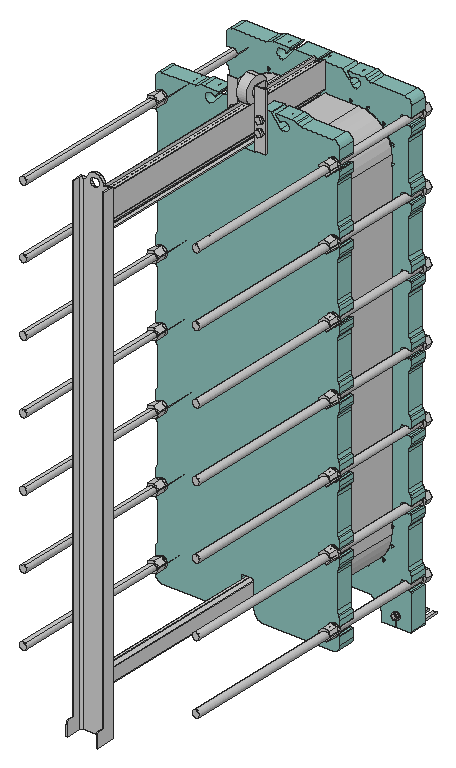
Revit family "Ekin_Endüstriyel - MIT585", category Specialty Equipment, Revit 2022 (continued)
Automatic sketch dimensions
  Extrusion 11 sketch curve to plane 3 "Center (Left/Right)" = 12.274 mm  (x4)
  Extrusion 11 sketch curve to plane 3 "Center (Left/Right)" = 0.441 mm  (x4)
  plane 3 "Center (Left/Right)" to Extrusion 11 sketch curve = 0.443 mm  (x4)
  plane 3 "Center (Left/Right)" to Extrusion 11 sketch curve = 12.274 mm  (x4)
  plane 3 "Center (Left/Right)" to Extrusion 11 sketch curve = 12.715 mm  (x4)
  level to Extrusion 11 sketch curve = 138.567 mm
  Extrusion 11 sketch curve to Extrusion 11 sketch curve = 6.833 mm  (x4)
  Extrusion 11 sketch curve to Extrusion 11 sketch curve = 7.594 mm  (x4)
  Extrusion 11 sketch curve to Extrusion 11 sketch curve = 14.424 mm  (x4)
  Extrusion 11 sketch curve to Extrusion 11 sketch curve = 14.427 mm  (x4)
  Extrusion 11 sketch curve to Extrusion 11 sketch curve = 7.595 mm  (x4)
  Extrusion 11 sketch curve to Extrusion 11 sketch curve = 31.148 mm  (x2)
  Extrusion 11 sketch curve to Extrusion 11 sketch curve = 1749.648 mm
  Extrusion 12 sketch curve to plane 8 "3" = 0.00 mm
  Extrusion 12 sketch curve to plane 3 "Center (Left/Right)" = 67.50 mm
  Extrusion 12 sketch curve to Extrusion 12 sketch curve = 5.00 mm
  Extrusion 12 sketch curve to plane 8 "3" = 8.00 mm
  Extrusion 12 sketch curve to Extrusion 12 sketch curve = 10.00 mm
  plane 3 "Center (Left/Right)" to Extrusion 12 sketch curve = 52.50 mm
  plane 3 "Center (Left/Right)" to Extrusion 12 sketch curve = 62.50 mm
  Extrusion 12 sketch curve to Extrusion 12 sketch curve = 15.00 mm
  Extrusion 13 sketch curve to Extrusion 13 sketch curve = 0.00 mm  (x168)
  Extrusion 13 sketch curve to plane 3 "Center (Left/Right)" = 373.00 mm  (x2)
  plane 3 "Center (Left/Right)" to Extrusion 13 sketch curve = 373.00 mm  (x2)
  level to Extrusion 13 sketch curve = 175.00 mm  (x2)
  Extrusion 13 sketch curve to Extrusion 13 sketch curve = 300.00 mm  (x10)
  Extrusion 13 sketch curve to Extrusion 13 sketch curve = 0.344 mm  (x2)
  Extrusion 13 sketch curve to Extrusion 13 sketch curve = 299.656 mm  (x2)
  Extrusion 13 sketch curve to Extrusion 13 sketch curve = 12.272 mm  (x19)
  Extrusion 13 sketch curve to Extrusion 13 sketch curve = 13.249 mm  (x2)
  Extrusion 13 sketch curve to Extrusion 13 sketch curve = 13.25 mm  (x24)
  Extrusion 13 sketch curve to Extrusion 13 sketch curve = 0.977 mm  (x3)
  Extrusion 13 sketch curve to Extrusion 13 sketch curve = 0.978 mm  (x6)
  Extrusion 13 sketch curve to Extrusion 13 sketch curve = 0.036 mm  (x12)
  Extrusion 13 sketch curve to Extrusion 13 sketch curve = 21.745 mm  (x2)
  Extrusion 13 sketch curve to Extrusion 13 sketch curve = 21.781 mm  (x12)
  Extrusion 13 sketch curve to Extrusion 13 sketch curve = 0.172 mm  (x2)
  Extrusion 14 sketch curve to Extrusion 14 sketch curve = 0.00 mm  (x16)
  Extrusion 14 sketch curve to Extrusion 2 = 6.90 mm  (x14)
  Extrusion 2 to Extrusion 14 sketch curve = 4.613 mm  (x14)
  Extrusion 14 sketch curve to Extrusion 2 = 0.287 mm  (x14)
  Extrusion 14 sketch curve to Extrusion 2 = 14.00 mm  (x2)
  Extrusion 14 sketch curve to Extrusion 2 = 9.388 mm  (x2)
  Extrusion 14 sketch curve to Extrusion 2 = 21.10 mm  (x14)
  Extrusion 14 sketch curve to Extrusion 2 = 9.341 mm  (x24)
  Extrusion 14 sketch curve to Extrusion 2 = 2.695 mm  (x24)
  Extrusion 14 sketch curve to Extrusion 14 sketch curve = 25.713 mm  (x18)
  Extrusion 14 sketch curve to Extrusion 2 = 2.648 mm  (x2)
  Extrusion 14 sketch curve to Extrusion 14 sketch curve = 18.613 mm  (x7)
  Extrusion 2 to Extrusion 14 sketch curve = 9.557 mm  (x2)
  Extrusion 2 to Extrusion 14 sketch curve = 9.603 mm  (x22)
  Extrusion 14 sketch curve to Extrusion 2 = 3.426 mm  (x2)
  Extrusion 14 sketch curve to Extrusion 14 sketch curve = 7.10 mm  (x2)
  Extrusion 14 sketch curve to Extrusion 2 = 39.713 mm
  Extrusion 14 sketch curve to Extrusion 2 = 9.294 mm  (x2)
  Extrusion 2 to Extrusion 14 sketch curve = 9.65 mm  (x2)
  Extrusion 2 to Extrusion 14 sketch curve = 16.203 mm  (x2)
  Extrusion 14 sketch curve to Extrusion 2 = 2.742 mm  (x2)
  Extrusion 14 sketch curve to Extrusion 2 = 4.714 mm  (x12)
  Extrusion 14 sketch curve to Extrusion 2 = 0.621 mm  (x2)
  Extrusion 2 to Extrusion 14 sketch curve = 6.798 mm  (x12)
  Extrusion 14 sketch curve to Extrusion 14 sketch curve = 9.286 mm  (x2)
  Extrusion 2 to Extrusion 14 sketch curve = 6.845 mm  (x2)
  Extrusion 15 sketch curve to Extrusion 15 sketch curve = 0.00 mm  (x14)
  Extrusion 15 sketch curve to Extrusion 2 = 1.996 mm  (x28)
  Extrusion 16 sketch curve to plane 3 "Center (Left/Right)" = 399.558 mm  (x3)
  Extrusion 16 sketch curve to Extrusion 16 sketch curve = 0.00 mm  (x7)
  level to Extrusion 16 sketch curve = 174.84 mm  (x2)
  Extrusion 16 sketch curve to Extrusion 16 sketch curve = 13.217 mm  (x21)
  Extrusion 16 sketch curve to Extrusion 16 sketch curve = 13.341 mm  (x21)
  level to Extrusion 16 sketch curve = 151.876 mm  (x2)
  Extrusion 16 sketch curve to Extrusion 16 sketch curve = 26.558 mm  (x28)
  level to Extrusion 16 sketch curve = 151.948 mm  (x2)
  plane 3 "Center (Left/Right)" to Extrusion 16 sketch curve = 346.442 mm  (x4)
  Extrusion 16 sketch curve to Extrusion 16 sketch curve = 23.036 mm  (x28)
  Extrusion 16 sketch curve to Extrusion 16 sketch curve = 22.964 mm  (x26)
  Extrusion 16 sketch curve to Extrusion 16 sketch curve = 254.432 mm  (x2)
  Extrusion 16 sketch curve to Extrusion 16 sketch curve = 0.072 mm  (x12)
  Extrusion 16 sketch curve to Extrusion 16 sketch curve = 254.00 mm  (x8)
  Extrusion 16 sketch curve to Extrusion 16 sketch curve = 253.656 mm  (x2)
  Extrusion 17 sketch curve to Extrusion 17 sketch curve = 0.00 mm  (x161)
  Extrusion 17 sketch curve to plane 3 "Center (Left/Right)" = 318.974 mm  (x2)
  Extrusion 17 sketch curve to Extrusion 17 sketch curve = 38.176 mm  (x26)
  Extrusion 17 sketch curve to Extrusion 17 sketch curve = 66.122 mm  (x26)
  Extrusion 17 sketch curve to Extrusion 17 sketch curve = 76.352 mm  (x14)
  Extrusion 17 sketch curve to plane 3 "Center (Left/Right)" = 72.202 mm  (x4)
  Extrusion 17 sketch curve to plane 3 "Center (Left/Right)" = 34.026 mm  (x4)
  plane 3 "Center (Left/Right)" to Extrusion 17 sketch curve = 34.026 mm  (x4)
  plane 3 "Center (Left/Right)" to Extrusion 17 sketch curve = 72.202 mm  (x4)
  level to Extrusion 17 sketch curve = 203.526 mm  (x2)
  Extrusion 17 sketch curve to Extrusion 17 sketch curve = 1193.052 mm
  Extrusion 17 sketch curve to Extrusion 17 sketch curve = 4.75 mm  (x2)
  Extrusion 17 sketch curve to Extrusion 17 sketch curve = 7.00 mm  (x48)
  Extrusion 17 sketch curve to Extrusion 17 sketch curve = 39.562 mm  (x4)
  Extrusion 17 sketch curve to Extrusion 17 sketch curve = 46.562 mm  (x4)
  Extrusion 17 sketch curve to plane 3 "Center (Left/Right)" = 29.276 mm  (x2)
  plane 3 "Center (Left/Right)" to Extrusion 17 sketch curve = 29.276 mm  (x2)
  Extrusion 17 sketch curve to Extrusion 17 sketch curve = 35.926 mm  (x2)
  Extrusion 17 sketch curve to Extrusion 17 sketch curve = 19.298 mm  (x4)
  Extrusion 17 sketch curve to Extrusion 17 sketch curve = 17.199 mm  (x4)
  plane 1 "Center (Front/Back)" to Extrusion 18 sketch curve = 0.00 mm
  plane 9 "Bolt End" to Extrusion 18 sketch curve = 26.30 mm  (x4)
  Extrusion 18 sketch curve to Extrusion 18 sketch curve = 6.164 mm  (x8)
  Extrusion 18 sketch curve to Extrusion 18 sketch curve = 33.836 mm
  Extrusion 18 sketch curve to Extrusion 18 sketch curve = 0.00 mm  (x4)
  plane 3 "Center (Left/Right)" to Extrusion 18 sketch curve = 367.531 mm
  Extrusion 18 sketch curve to Extrusion 18 sketch curve = 8.50 mm  (x4)
  Extrusion 18 sketch curve to Extrusion 18 sketch curve = 33.00 mm  (x2)
  Extrusion 18 sketch curve to Extrusion 18 sketch curve = 16.00 mm  (x2)
  Extrusion 18 sketch curve to plane 3 "Center (Left/Right)" = 284.375 mm
  Extrusion 19 sketch curve to plane 1 "Center (Front/Back)" = 0.00 mm
  Extrusion 19 sketch curve to level = 0.00 mm
  level to Extrusion 19 sketch curve = 3.00 mm
  Extrusion 19 sketch curve to plane 1 "Center (Front/Back)" = 8.00 mm
  Extrusion 19 sketch curve to Extrusion 19 sketch curve = 3.00 mm
  plane 9 "Bolt End" to Extrusion 19 sketch curve = 66.30 mm
  Extrusion 19 sketch curve to Extrusion 19 sketch curve = 8.00 mm
  Extrusion 19 sketch curve to Extrusion 19 sketch curve = 74.00 mm
  Extrusion 20 sketch curve to Extrusion 20 sketch curve = 0.00 mm  (x8)
  Extrusion 20 sketch curve to plane 3 "Center (Left/Right)" = 0.00 mm  (x4)
  level to Extrusion 20 sketch curve = 153.00 mm
  Extrusion 20 sketch curve to Extrusion 20 sketch curve = 60.00 mm  (x2)
  Extrusion 20 sketch curve to Extrusion 20 sketch curve = 1778.50 mm
  Extrusion 20 sketch curve to plane 3 "Center (Left/Right)" = 11.341 mm  (x2)
  plane 3 "Center (Left/Right)" to Extrusion 20 sketch curve = 11.341 mm  (x2)
  Extrusion 20 sketch curve to Extrusion 20 sketch curve = 15.00 mm  (x2)
  Extrusion 20 sketch curve to Extrusion 20 sketch curve = 9.817 mm  (x2)
  Extrusion 21 sketch curve to Extrusion 21 sketch curve = 0.00 mm  (x50)
  Extrusion 21 sketch curve to plane 3 "Center (Left/Right)" = 176.50 mm  (x2)
  plane 3 "Center (Left/Right)" to Extrusion 21 sketch curve = 176.50 mm  (x2)
  level to Extrusion 21 sketch curve = 346.00 mm
  Extrusion 21 sketch curve to Extrusion 21 sketch curve = 1478.00 mm
  Extrusion 21 sketch curve to Extrusion 21 sketch curve = 90.00 mm  (x2)
  Extrusion 21 sketch curve to Extrusion 21 sketch curve = 26.047 mm  (x6)
  Extrusion 21 sketch curve to plane 3 "Center (Left/Right)" = 60.453 mm  (x2)
  plane 3 "Center (Left/Right)" to Extrusion 21 sketch curve = 60.453 mm  (x2)
  Extrusion 21 sketch curve to Extrusion 21 sketch curve = 67.00 mm  (x4)
  Extrusion 22 sketch curve to Extrusion 22 sketch curve = 0.00 mm  (x7)
  Extrusion 2 to Extrusion 22 sketch curve = 4.00 mm  (x2)
  Extrusion 2 to Extrusion 22 sketch curve = 0.538 mm  (x2)
  Extrusion 22 sketch curve to Extrusion 2 = 23.75 mm  (x2)
  Extrusion 2 to Extrusion 22 sketch curve = 10.067 mm  (x2)
  Extrusion 2 to Extrusion 22 sketch curve = 3.00 mm  (x2)
  Extrusion 2 to Extrusion 22 sketch curve = 80.567 mm
  Extrusion 2 to Extrusion 22 sketch curve = 1.901 mm  (x8)
  Extrusion 22 sketch curve to Extrusion 22 sketch curve = 7.924 mm  (x2)
  Extrusion 23 sketch curve to Extrusion 22 = 0.00 mm  (x5)
  Extrusion 22 to Extrusion 23 sketch curve = 0.00 mm
  Extrusion 23 sketch curve to Extrusion 22 = 4.00 mm
  Extrusion 23 sketch curve to Extrusion 23 sketch curve = 4.00 mm
  Extrusion 24 sketch curve to Extrusion 24 sketch curve = 0.00 mm  (x2)
  Extrusion 24 sketch curve to Extrusion 23 = 34.07 mm
  Extrusion 23 to Extrusion 24 sketch curve = 17.687 mm
  Extrusion 25 sketch curve to Extrusion 23 = 34.062 mm
  Extrusion 23 to Extrusion 25 sketch curve = 17.688 mm
  Extrusion 26 sketch curve to Extrusion 26 sketch curve = 0.00 mm  (x2)
  Extrusion 26 sketch curve to Extrusion 23 = 34.07 mm
  Extrusion 23 to Extrusion 26 sketch curve = 17.687 mm
  Extrusion 26 sketch curve to Extrusion 26 sketch curve = 2.062 mm  (x2)
  Extrusion 26 sketch curve to Extrusion 26 sketch curve = 7.73 mm
  Extrusion 23 to Extrusion 27 sketch curve = 20.475 mm
  Extrusion 27 sketch curve to Extrusion 23 = 46.883 mm
  Extrusion 23 to Extrusion 27 sketch curve = 7.51 mm
  Extrusion 27 sketch curve to Extrusion 27 sketch curve = 3.083 mm
  Extrusion 23 to Extrusion 27 sketch curve = 11.298 mm
  Extrusion 27 sketch curve to Extrusion 27 sketch curve = 9.73 mm  (x2)
  Extrusion 23 to Extrusion 27 sketch curve = 3.673 mm
  Extrusion 27 sketch curve to Extrusion 27 sketch curve = 12.813 mm  (x2)
  Extrusion 23 to Extrusion 27 sketch curve = 12.85 mm
  Extrusion 27 sketch curve to Extrusion 27 sketch curve = 3.837 mm
  Extrusion 28 sketch curve to Extrusion 28 sketch curve = 0.00 mm  (x2)
  Extrusion 28 sketch curve to Extrusion 23 = 34.07 mm
  Extrusion 23 to Extrusion 28 sketch curve = 17.687 mm
  Extrusion 28 sketch curve to Extrusion 28 sketch curve = 14.098 mm  (x2)
  Extrusion 23 to Extrusion 28 sketch curve = 12.565 mm
  Extrusion 29 sketch curve to Extrusion 29 sketch curve = 0.00 mm  (x8)
  Extrusion 2 to Extrusion 29 sketch curve = 0.542 mm  (x4)
  Extrusion 2 to Extrusion 29 sketch curve = 2.956 mm  (x4)
  Extrusion 29 sketch curve to Extrusion 2 = 3.488 mm  (x4)
  Extrusion 29 sketch curve to Extrusion 2 = 12.96 mm  (x4)
  Extrusion 29 sketch curve to Extrusion 2 = 3.205 mm  (x4)
  Extrusion 30 sketch curve to Extrusion 2 = 3.331 mm  (x2)
  Extrusion 30 sketch curve to Extrusion 2 = 12.451 mm  (x4)
  Extrusion 30 sketch curve to Extrusion 2 = 3.153 mm  (x2)
  Extrusion 30 sketch curve to Extrusion 2 = 5.065 mm  (x4)
  Extrusion 30 sketch curve to Extrusion 2 = 11.398 mm  (x4)
  Extrusion 30 sketch curve to Extrusion 2 = 0.51 mm  (x4)
  Extrusion 2 to Extrusion 30 sketch curve = 1.595 mm  (x4)
  Extrusion 30 sketch curve to Extrusion 2 = 4.767 mm  (x4)
  Extrusion 30 sketch curve to Extrusion 2 = 3.715 mm  (x4)
  Extrusion 30 sketch curve to Extrusion 2 = 11.351 mm  (x4)
  Extrusion 30 sketch curve to Extrusion 2 = 3.242 mm  (x4)
  Extrusion 30 sketch curve to Extrusion 2 = 4.976 mm  (x2)
  Extrusion 30 sketch curve to Extrusion 2 = 11.262 mm  (x2)
  Extrusion 30 sketch curve to Extrusion 2 = 5.153 mm  (x2)
  Extrusion 30 sketch curve to Extrusion 2 = 2.488 mm  (x2)
  Extrusion 31 sketch curve to Extrusion 31 sketch curve = 0.00 mm  (x6)
  Extrusion 2 to Extrusion 31 sketch curve = 0.538 mm  (x2)
  Extrusion 2 to Extrusion 31 sketch curve = 3.00 mm  (x2)
  Extrusion 2 to Extrusion 31 sketch curve = 0.498 mm  (x2)
  Extrusion 2 to Extrusion 31 sketch curve = 0.587 mm  (x2)
  Extrusion 2 to Extrusion 31 sketch curve = 0.582 mm  (x2)
  Extrusion 2 to Extrusion 31 sketch curve = 0.493 mm  (x2)
  Extrusion 31 sketch curve to Extrusion 2 = 12.00 mm  (x2)
  Extrusion 32 sketch curve to Extrusion 2 = 3.475 mm  (x2)
  Extrusion 32 sketch curve to Extrusion 2 = 11.065 mm  (x4)
  Extrusion 32 sketch curve to Extrusion 2 = 3.653 mm  (x6)
  Extrusion 32 sketch curve to Extrusion 2 = 3.722 mm  (x6)
  Extrusion 32 sketch curve to Extrusion 2 = 11.026 mm  (x4)
  Extrusion 2 to Extrusion 32 sketch curve = 0.498 mm  (x4)
  Extrusion 2 to Extrusion 32 sketch curve = 0.577 mm  (x4)
  Extrusion 32 sketch curve to Extrusion 2 = 5.149 mm  (x4)
  Extrusion 32 sketch curve to Extrusion 2 = 5.11 mm  (x4)
  Extrusion 32 sketch curve to Extrusion 2 = 10.375 mm  (x4)
  Extrusion 32 sketch curve to Extrusion 2 = 3.544 mm  (x2)
  Extrusion 32 sketch curve to Extrusion 2 = 10.197 mm  (x2)
  Extrusion 32 sketch curve to Extrusion 2 = 3.553 mm  (x2)
  Extrusion 33 sketch curve to Extrusion 33 sketch curve = 0.00 mm  (x6)
  Extrusion 2 to Extrusion 33 sketch curve = 0.538 mm  (x2)
  Extrusion 2 to Extrusion 33 sketch curve = 3.00 mm  (x2)
  Extrusion 2 to Extrusion 33 sketch curve = 1.901 mm  (x8)
  Extrusion 33 sketch curve to Extrusion 33 sketch curve = 7.924 mm  (x2)
  Extrusion 34 sketch curve to Extrusion 34 sketch curve = 0.00 mm  (x9)
  Extrusion 34 sketch curve to plane 3 "Center (Left/Right)" = 0.00 mm  (x2)
  plane 3 "Center (Left/Right)" to Extrusion 34 sketch curve = 7.916 mm  (x2)
  plane 3 "Center (Left/Right)" to Extrusion 34 sketch curve = 20.50 mm  (x2)
  Extrusion 34 sketch curve to Extrusion 34 sketch curve = 17.548 mm  (x4)
  Extrusion 34 sketch curve to Extrusion 34 sketch curve = 2.536 mm  (x4)
  Extrusion 34 sketch curve to Extrusion 34 sketch curve = 9.50 mm  (x6)
  Extrusion 34 sketch curve to Extrusion 34 sketch curve = 3.943 mm  (x4)
  Extrusion 34 sketch curve to Extrusion 34 sketch curve = 142.00 mm  (x4)
  Extrusion 34 sketch curve to Extrusion 34 sketch curve = 4.50 mm  (x4)
  Extrusion 34 sketch curve to Extrusion 34 sketch curve = 135.50 mm  (x2)
  Extrusion 34 sketch curve to plane 3 "Center (Left/Right)" = 7.916 mm  (x2)
  Extrusion 34 sketch curve to plane 3 "Center (Left/Right)" = 20.50 mm  (x2)
  level to Extrusion 34 sketch curve = 211.00 mm
  Extrusion 34 sketch curve to Extrusion 34 sketch curve = 6.00 mm  (x4)
  Extrusion 34 sketch curve to Extrusion 34 sketch curve = 9.978 mm  (x4)
  Extrusion 34 sketch curve to Extrusion 34 sketch curve = 11.755 mm
  Extrusion 34 sketch curve to Extrusion 34 sketch curve = 4.522 mm  (x2)
  Extrusion 34 sketch curve to Extrusion 34 sketch curve = 16.976 mm  (x2)
  Extrusion 34 sketch curve to Extrusion 34 sketch curve = 5.00 mm  (x4)
  Extrusion 34 sketch curve to Extrusion 34 sketch curve = 1468.00 mm
  Extrusion 34 sketch curve to Extrusion 34 sketch curve = 140.00 mm
  Extrusion 34 sketch curve to Extrusion 34 sketch curve = 44.231 mm
  Extrusion 34 sketch curve to Extrusion 34 sketch curve = 8.793 mm  (x2)
  Extrusion 34 sketch curve to Extrusion 34 sketch curve = 5.438 mm  (x2)
  plane 3 "Center (Left/Right)" to Extrusion 34 sketch curve = 76.50 mm  (x2)
  Extrusion 34 sketch curve to plane 3 "Center (Left/Right)" = 76.50 mm  (x2)
  Extrusion 35 sketch curve to Extrusion 35 sketch curve = 0.00 mm  (x3)
  Extrusion 12 to Extrusion 35 sketch curve = 15.00 mm  (x2)
  Extrusion 35 sketch curve to Extrusion 12 = 17.00 mm
  Extrusion 35 sketch curve to Extrusion 35 sketch curve = 35.50 mm
  Extrusion 12 to Extrusion 35 sketch curve = 37.394 mm
  Extrusion 35 sketch curve to Extrusion 35 sketch curve = 1.50 mm
  Extrusion 35 sketch curve to Extrusion 12 = 41.474 mm
  Extrusion 35 sketch curve to Extrusion 35 sketch curve = 15.50 mm
  Extrusion 36 sketch curve to Extrusion 12 = 0.00 mm
  Extrusion 36 sketch curve to Extrusion 36 sketch curve = 15.00 mm
  Extrusion 36 sketch curve to Extrusion 36 sketch curve = 35.00 mm
  Extrusion 12 to Extrusion 36 sketch curve = 35.894 mm
  Extrusion 12 to Extrusion 36 sketch curve = 60.00 mm
  Extrusion 37 sketch curve to Extrusion 37 sketch curve = 0.00 mm  (x4)
  level to Extrusion 37 sketch curve = 45.00 mm  (x2)
  Extrusion 37 sketch curve to plane 3 "Center (Left/Right)" = 334.00 mm
  plane 3 "Center (Left/Right)" to Extrusion 37 sketch curve = 334.00 mm
  Extrusion 37 sketch curve to Extrusion 37 sketch curve = 5.728 mm  (x4)
  Extrusion 37 sketch curve to Extrusion 37 sketch curve = 13.863 mm  (x2)
  Extrusion 38 sketch curve to Extrusion 38 sketch curve = 0.00 mm  (x14)
  Extrusion 38 sketch curve to level = 0.00 mm  (x2)
  Extrusion 38 sketch curve to plane 4 = 1000.00 mm
  Extrusion 38 sketch curve to plane 4 = 1160.00 mm  (x2)
  Extrusion 38 sketch curve to Extrusion 38 sketch curve = 160.00 mm
  Extrusion 38 sketch curve to Extrusion 38 sketch curve = 16.50 mm
  Extrusion 38 sketch curve to Extrusion 38 sketch curve = 176.50 mm
  Extrusion 38 sketch curve to Extrusion 38 sketch curve = 39.50 mm
  level to Extrusion 38 sketch curve = 90.00 mm
  Extrusion 38 sketch curve to Extrusion 38 sketch curve = 217.787 mm
  Extrusion 38 sketch curve to Extrusion 38 sketch curve = 20.785 mm  (x2)
  level to Extrusion 38 sketch curve = 85.607 mm
  Extrusion 38 sketch curve to Extrusion 38 sketch curve = 10.607 mm  (x4)
  Extrusion 38 sketch curve to Extrusion 38 sketch curve = 36.213 mm  (x2)
  level to Extrusion 38 sketch curve = 49.393 mm  (x2)
  Extrusion 38 sketch curve to Extrusion 38 sketch curve = 4.393 mm
  level to Extrusion 38 sketch curve = 5.00 mm  (x3)
  Extrusion 38 sketch curve to Extrusion 38 sketch curve = 65.00 mm  (x2)
  Extrusion 38 sketch curve to Extrusion 38 sketch curve = 148.715 mm  (x2)
  Extrusion 38 sketch curve to Extrusion 38 sketch curve = 4.00 mm  (x2)
  Extrusion 38 sketch curve to Extrusion 38 sketch curve = 196.50 mm  (x2)
  Extrusion 38 sketch curve to Extrusion 38 sketch curve = 39.00 mm  (x2)
  Extrusion 38 sketch curve to Extrusion 38 sketch curve = 60.00 mm  (x4)
  Extrusion 38 sketch curve to Extrusion 38 sketch curve = 30.00 mm
  Extrusion 38 sketch curve to plane 4 = 983.50 mm  (x2)
  Extrusion 38 sketch curve to plane 4 = 960.50 mm
  Extrusion 38 sketch curve to plane 4 = 942.213 mm
  Extrusion 38 sketch curve to Extrusion 38 sketch curve = 15.00 mm  (x2)
  Extrusion 38 sketch curve to plane 4 = 787.00 mm  (x5)
  level to Extrusion 38 sketch curve = 45.00 mm  (x2)
  level to Extrusion 38 sketch curve = 153.00 mm
  Extrusion 38 sketch curve to Extrusion 38 sketch curve = 130.00 mm  (x2)
  Extrusion 38 sketch curve to Extrusion 38 sketch curve = 133.00 mm  (x2)
  Extrusion 38 sketch curve to Extrusion 38 sketch curve = 129.00 mm  (x2)
  Extrusion 38 sketch curve to Extrusion 38 sketch curve = 300.00 mm  (x8)
  Extrusion 38 sketch curve to Extrusion 38 sketch curve = 149.00 mm  (x2)
  Extrusion 38 sketch curve to Extrusion 38 sketch curve = 151.00 mm  (x2)
  Extrusion 38 sketch curve to Extrusion 38 sketch curve = 167.50 mm
  Extrusion 38 sketch curve to Extrusion 38 sketch curve = 63.00 mm  (x2)
  Extrusion 38 sketch curve to Extrusion 38 sketch curve = 23.00 mm  (x2)
  Extrusion 38 sketch curve to Extrusion 38 sketch curve = 12.00 mm
  Extrusion 38 sketch curve to Extrusion 38 sketch curve = 60.453 mm  (x2)
  Extrusion 38 sketch curve to plane 4 = 1099.547 mm
  Extrusion 38 sketch curve to Extrusion 38 sketch curve = 120.905 mm
  Extrusion 38 sketch curve to Extrusion 38 sketch curve = 80.453 mm  (x4)
  Extrusion 38 sketch curve to Extrusion 38 sketch curve = 66.00 mm  (x2)
  Extrusion 38 sketch curve to Extrusion 38 sketch curve = 67.00 mm
  Extrusion 39 sketch curve to plane 4 = 1000.00 mm
  Extrusion 39 sketch curve to plane 4 = 960.50 mm
  Extrusion 39 sketch curve to Extrusion 39 sketch curve = 20.785 mm  (x2)
  Extrusion 39 sketch curve to Extrusion 39 sketch curve = 148.715 mm  (x2)
  Extrusion 39 sketch curve to plane 4 = 787.00 mm  (x6)
  Extrusion 39 sketch curve to Extrusion 39 sketch curve = 4.00 mm  (x2)
  Extrusion 39 sketch curve to Extrusion 39 sketch curve = 26.00 mm  (x2)
  Extrusion 39 sketch curve to plane 4 = 1101.75 mm
  Extrusion 39 sketch curve to Extrusion 39 sketch curve = 0.542 mm
  Extrusion 39 sketch curve to Extrusion 39 sketch curve = 0.00 mm  (x7)
  Extrusion 39 sketch curve to Extrusion 39 sketch curve = 17.25 mm  (x2)
  Extrusion 39 sketch curve to Extrusion 39 sketch curve = 3.00 mm
  Extrusion 39 sketch curve to plane 4 = 1132.50 mm
  Extrusion 39 sketch curve to Extrusion 39 sketch curve = 55.00 mm
  Extrusion 39 sketch curve to Extrusion 39 sketch curve = 76.00 mm
  Extrusion 39 sketch curve to Extrusion 39 sketch curve = 82.00 mm
  Extrusion 39 sketch curve to Extrusion 39 sketch curve = 16.708 mm  (x2)
  Extrusion 39 sketch curve to Extrusion 39 sketch curve = 101.75 mm
  Extrusion 39 sketch curve to Extrusion 39 sketch curve = 39.50 mm
  Extrusion 39 sketch curve to plane 4 = 1533.00 mm
  level to Extrusion 39 sketch curve = 90.00 mm
  Extrusion 39 sketch curve to Extrusion 39 sketch curve = 85.00 mm  (x2)
  Extrusion 39 sketch curve to Extrusion 39 sketch curve = 160.00 mm
  Extrusion 39 sketch curve to Extrusion 39 sketch curve = 300.00 mm  (x12)
  Extrusion 39 sketch curve to Extrusion 39 sketch curve = 225.50 mm
  Extrusion 39 sketch curve to Extrusion 39 sketch curve = 84.572 mm  (x2)
  Extrusion 39 sketch curve to Extrusion 39 sketch curve = 63.00 mm  (x2)
  Extrusion 39 sketch curve to Extrusion 39 sketch curve = 50.00 mm  (x2)
  Extrusion 39 sketch curve to Extrusion 39 sketch curve = 23.00 mm  (x2)
  Extrusion 39 sketch curve to Extrusion 39 sketch curve = 16.928 mm  (x2)
  Extrusion 39 sketch curve to Extrusion 39 sketch curve = 12.00 mm
  Extrusion 39 sketch curve to Extrusion 39 sketch curve = 25.00 mm
  Extrusion 40 sketch curve to Extrusion 40 sketch curve = 0.00 mm  (x51)
  Extrusion 40 sketch curve to plane 4 = 1336.50 mm  (x2)
  Extrusion 40 sketch curve to plane 4 = 983.50 mm  (x2)
  level to Extrusion 40 sketch curve = 346.00 mm  (x2)
  Extrusion 40 sketch curve to Extrusion 40 sketch curve = 1478.00 mm
  Extrusion 40 sketch curve to Extrusion 40 sketch curve = 95.912 mm  (x6)
  Extrusion 40 sketch curve to Extrusion 40 sketch curve = 51.312 mm  (x8)
  Extrusion 40 sketch curve to Extrusion 40 sketch curve = 58.551 mm  (x2)
  Extrusion 40 sketch curve to Extrusion 40 sketch curve = 55.375 mm  (x2)
  Extrusion 40 sketch curve to Extrusion 40 sketch curve = 29.625 mm  (x3)
  Extrusion 40 sketch curve to Extrusion 40 sketch curve = 85.00 mm
  Extrusion 41 sketch curve to Extrusion 41 sketch curve = 0.00 mm  (x50)
  Extrusion 41 sketch curve to plane 4 = 1336.50 mm  (x2)
  Extrusion 41 sketch curve to plane 4 = 983.50 mm  (x2)
  level to Extrusion 41 sketch curve = 346.00 mm
  Extrusion 41 sketch curve to Extrusion 41 sketch curve = 1478.00 mm
  Extrusion 41 sketch curve to Extrusion 41 sketch curve = 90.00 mm  (x2)
  Extrusion 41 sketch curve to Extrusion 41 sketch curve = 26.047 mm  (x8)
  Extrusion 41 sketch curve to plane 4 = 1099.547 mm  (x2)
  Extrusion 41 sketch curve to Extrusion 41 sketch curve = 67.00 mm  (x4)
  Extrusion 42 sketch curve to Extrusion 42 sketch curve = 0.00 mm  (x9)
  Extrusion 42 sketch curve to plane 4 = 848.00 mm
  Extrusion 42 sketch curve to plane 4 = 983.50 mm  (x2)
  Extrusion 42 sketch curve to Extrusion 42 sketch curve = 4.50 mm  (x4)
  Extrusion 42 sketch curve to plane 4 = 1128.057 mm  (x2)
  Extrusion 42 sketch curve to Extrusion 42 sketch curve = 1.943 mm  (x2)
  Extrusion 42 sketch curve to Extrusion 42 sketch curve = 3.943 mm  (x4)
  Extrusion 42 sketch curve to Extrusion 42 sketch curve = 2.536 mm  (x4)
  Extrusion 42 sketch curve to Extrusion 42 sketch curve = 11.443 mm  (x2)
  Extrusion 42 sketch curve to Extrusion 42 sketch curve = 12.584 mm  (x4)
  Extrusion 42 sketch curve to Extrusion 42 sketch curve = 7.916 mm  (x2)
  Extrusion 42 sketch curve to Extrusion 42 sketch curve = 15.832 mm  (x2)
  Extrusion 42 sketch curve to Extrusion 42 sketch curve = 17.548 mm  (x2)
  Extrusion 42 sketch curve to Extrusion 42 sketch curve = 9.50 mm  (x4)
  Extrusion 42 sketch curve to Extrusion 42 sketch curve = 142.00 mm  (x2)
  Extrusion 42 sketch curve to Extrusion 42 sketch curve = 135.50 mm
  level to Extrusion 42 sketch curve = 211.00 mm
  Extrusion 42 sketch curve to Extrusion 42 sketch curve = 6.00 mm  (x4)
  Extrusion 42 sketch curve to Extrusion 42 sketch curve = 9.978 mm  (x4)
  Extrusion 42 sketch curve to Extrusion 42 sketch curve = 11.755 mm
  Extrusion 42 sketch curve to Extrusion 42 sketch curve = 4.522 mm  (x2)
  Extrusion 42 sketch curve to Extrusion 42 sketch curve = 16.976 mm  (x2)
  Extrusion 42 sketch curve to Extrusion 42 sketch curve = 5.00 mm  (x4)
  Extrusion 42 sketch curve to Extrusion 42 sketch curve = 1468.00 mm
  Extrusion 42 sketch curve to Extrusion 42 sketch curve = 140.00 mm
  Extrusion 42 sketch curve to Extrusion 42 sketch curve = 44.231 mm
  Extrusion 42 sketch curve to Extrusion 42 sketch curve = 8.793 mm  (x2)
  Extrusion 42 sketch curve to Extrusion 42 sketch curve = 5.438 mm  (x2)
  Extrusion 42 sketch curve to Extrusion 42 sketch curve = 35.50 mm  (x2)
  Extrusion 42 sketch curve to Extrusion 42 sketch curve = 95.50 mm  (x2)
  plane 5 to Extrusion 43 sketch curve = 1000.00 mm  (x4)
  Extrusion 43 sketch curve to level = 0.00 mm
  plane 5 to Extrusion 43 sketch curve = 840.00 mm
  Extrusion 43 sketch curve to Extrusion 43 sketch curve = 0.00 mm  (x8)
  Extrusion 43 sketch curve to Extrusion 43 sketch curve = 39.00 mm  (x2)
  plane 5 to Extrusion 43 sketch curve = 1160.00 mm
  plane 5 to Extrusion 43 sketch curve = 1373.00 mm
  level to Extrusion 43 sketch curve = 5.00 mm
  Extrusion 43 sketch curve to Extrusion 43 sketch curve = 60.00 mm  (x3)
  level to Extrusion 43 sketch curve = 45.00 mm  (x2)
  level to Extrusion 43 sketch curve = 153.00 mm
  Extrusion 43 sketch curve to Extrusion 43 sketch curve = 130.00 mm  (x2)
  Extrusion 43 sketch curve to Extrusion 43 sketch curve = 300.00 mm  (x11)
  Extrusion 43 sketch curve to Extrusion 43 sketch curve = 105.00 mm
  level to Extrusion 44 sketch curve = 90.00 mm  (x2)
  plane 5 to Extrusion 44 sketch curve = 1373.00 mm
  Extrusion 44 sketch curve to Extrusion 44 sketch curve = 0.00 mm  (x10)
  Extrusion 44 sketch curve to Extrusion 44 sketch curve = 26.00 mm  (x4)
  plane 5 to Extrusion 44 sketch curve = 1058.25 mm
  Extrusion 44 sketch curve to Extrusion 44 sketch curve = 0.542 mm
  Extrusion 44 sketch curve to Extrusion 44 sketch curve = 17.25 mm  (x2)
  Extrusion 44 sketch curve to Extrusion 44 sketch curve = 3.00 mm
  plane 5 to Extrusion 44 sketch curve = 1027.50 mm
  plane 5 to Extrusion 44 sketch curve = 972.50 mm
  plane 5 to Extrusion 44 sketch curve = 962.00 mm
  plane 5 to Extrusion 44 sketch curve = 959.00 mm
  plane 5 to Extrusion 44 sketch curve = 942.292 mm
  Extrusion 44 sketch curve to Extrusion 44 sketch curve = 16.708 mm
  Extrusion 44 sketch curve to Extrusion 44 sketch curve = 101.75 mm
  Extrusion 44 sketch curve to Extrusion 44 sketch curve = 85.00 mm  (x2)
  Extrusion 44 sketch curve to Extrusion 44 sketch curve = 160.00 mm
  Extrusion 44 sketch curve to Extrusion 44 sketch curve = 300.00 mm  (x10)
  Extrusion 44 sketch curve to Extrusion 44 sketch curve = 225.50 mm
  Extrusion 44 sketch curve to Extrusion 44 sketch curve = 84.572 mm  (x2)
  Extrusion 44 sketch curve to Extrusion 44 sketch curve = 105.00 mm  (x2)
  Extrusion 44 sketch curve to Extrusion 44 sketch curve = 50.00 mm  (x2)
  Extrusion 44 sketch curve to Extrusion 44 sketch curve = 16.928 mm  (x2)
  Extrusion 44 sketch curve to Extrusion 44 sketch curve = 25.00 mm
  Extrusion 45 sketch curve to Extrusion 45 sketch curve = 0.00 mm  (x7)
  plane 5 to Extrusion 45 sketch curve = 823.50 mm  (x2)
  plane 5 to Extrusion 45 sketch curve = 1176.50 mm  (x2)
  level to Extrusion 45 sketch curve = 346.00 mm  (x2)
  plane 5 to Extrusion 45 sketch curve = 970.724 mm  (x2)
  plane 5 to Extrusion 45 sketch curve = 1029.276 mm  (x2)
  Extrusion 45 sketch curve to Extrusion 45 sketch curve = 85.00 mm
  plane 5 to Extrusion 46 sketch curve = 1000.00 mm  (x2)
  plane 5 to Extrusion 46 sketch curve = 1007.916 mm  (x2)
  plane 5 to Extrusion 46 sketch curve = 1020.50 mm  (x2)
  Extrusion 46 sketch curve to Extrusion 46 sketch curve = 17.548 mm  (x4)
  Extrusion 46 sketch curve to Extrusion 46 sketch curve = 2.536 mm  (x4)
  Extrusion 46 sketch curve to Extrusion 46 sketch curve = 9.50 mm  (x6)
  Extrusion 46 sketch curve to Extrusion 46 sketch curve = 3.943 mm  (x4)
  Extrusion 46 sketch curve to Extrusion 46 sketch curve = 142.00 mm  (x4)
  plane 5 to Extrusion 46 sketch curve = 992.084 mm  (x2)
  plane 5 to Extrusion 46 sketch curve = 979.50 mm  (x2)
  level to Extrusion 46 sketch curve = 211.00 mm
  Extrusion 46 sketch curve to Extrusion 46 sketch curve = 0.00 mm
  Extrusion 46 sketch curve to Extrusion 46 sketch curve = 6.00 mm  (x4)
  Extrusion 46 sketch curve to Extrusion 46 sketch curve = 9.978 mm  (x4)
  Extrusion 46 sketch curve to Extrusion 46 sketch curve = 11.755 mm
  Extrusion 46 sketch curve to Extrusion 46 sketch curve = 4.522 mm  (x2)
  Extrusion 46 sketch curve to Extrusion 46 sketch curve = 16.976 mm  (x2)
  Extrusion 46 sketch curve to Extrusion 46 sketch curve = 1468.00 mm
  Extrusion 46 sketch curve to Extrusion 46 sketch curve = 140.00 mm  (x3)
  Extrusion 46 sketch curve to Extrusion 46 sketch curve = 44.231 mm
  Extrusion 46 sketch curve to Extrusion 46 sketch curve = 8.793 mm  (x2)
  Extrusion 46 sketch curve to Extrusion 46 sketch curve = 5.438 mm  (x2)
  Extrusion 43 sketch curve to Extrusion 43 sketch curve = 53.50 mm  (x2)
  plane 5 to Extrusion 43 sketch curve = 627.00 mm
  Extrusion 43 sketch curve to Extrusion 43 sketch curve = 5.00 mm
  Extrusion 43 sketch curve to Extrusion 43 sketch curve = 21.00 mm
  Extrusion 43 sketch curve to Extrusion 43 sketch curve = 239.00 mm  (x2)
  Extrusion 43 sketch curve to Extrusion 43 sketch curve = 26.00 mm  (x2)
  Extrusion 43 sketch curve to Extrusion 43 sketch curve = 16.50 mm
  Extrusion 43 sketch curve to Extrusion 43 sketch curve = 35.00 mm
  Extrusion 45 sketch curve to Extrusion 45 sketch curve = 147.224 mm  (x4)
  Extrusion 45 sketch curve to Extrusion 45 sketch curve = 1393.00 mm
  Extrusion 45 sketch curve to Extrusion 45 sketch curve = 1478.00 mm
  Extrusion 44 sketch curve to Extrusion 44 sketch curve = 239.00 mm  (x2)
  Extrusion 44 sketch curve to Extrusion 44 sketch curve = 35.00 mm  (x2)
  Extrusion 44 sketch curve to Extrusion 44 sketch curve = 10.00 mm
  Extrusion 44 sketch curve to Extrusion 44 sketch curve = 340.75 mm
  radius of Extrusion 1 to Extrusion 6 sketch curve = 4.50 mm  (x2)
  radius of Extrusion 14 sketch curve to Extrusion 2 = 7.75 mm  (x12)
  radius of Extrusion 2 to Extrusion 15 sketch curve = 4.00 mm  (x14)
  radius of Extrusion 22 sketch curve to Extrusion 2 = 2.50 mm  (x2)
  radius of Extrusion 24 sketch curve = 55.00 mm
  radius of Extrusion 24 sketch curve = 25.00 mm
  radius of Extrusion 25 sketch curve = 24.50 mm
  radius of Extrusion 2 to Extrusion 31 sketch curve = 4.50 mm  (x2)
  radius of Extrusion 33 sketch curve to Extrusion 2 = 2.50 mm  (x2)
  radius of Extrusion 38 sketch curve = 21.00 mm  (x16)
  radius of Extrusion 38 sketch curve = 9.50 mm  (x4)
  radius of Extrusion 38 sketch curve = 10.50 mm  (x2)
  radius of Extrusion 39 sketch curve = 21.00 mm  (x16)
  radius of Extrusion 39 sketch curve = 10.50 mm  (x4)
  radius of Extrusion 43 sketch curve = 21.00 mm  (x16)
  radius of Extrusion 43 sketch curve = 9.50 mm  (x4)
  radius of Extrusion 43 sketch curve = 10.50 mm  (x2)
  radius of Extrusion 44 sketch curve = 21.00 mm  (x16)
  radius of Extrusion 44 sketch curve = 10.50 mm  (x4)
Connectors
  piping at (176.5, 30, 1824), diameter 203.2
    settings: on cut or joined group of Extrusion 17, Extrusion 21, index 1, connector inside diameter 609.6 mm, connector length 0.00 mm, flow factor 0, pipe flow 0.0 L/s, pressure drop 0 bar, fitting loss kfactor 0, connector angle 0.00°, fixture units 0, engagement length 0.00 mm, angle of deflection 0.00°, flow configuration 0, flow direction 1, fitting loss method 0, system type 7, joint type 0, gender type 0, connector reference index -1, connector utility 0, adjustable connector no, is connector primary yes, connector description ""
  piping at (-176.5, 30, 1824), diameter 203.2
    settings: on cut or joined group of Extrusion 17, Extrusion 21, index 2, connector inside diameter 609.6 mm, connector length 0.00 mm, flow factor 0, pipe flow 0.0 L/s, pressure drop 0 bar, fitting loss kfactor 0, connector angle 0.00°, fixture units 0, engagement length 0.00 mm, angle of deflection 0.00°, flow configuration 0, flow direction 2, fitting loss method 0, system type 7, joint type 0, gender type 0, connector reference index -1, connector utility 0, adjustable connector no, is connector primary no, connector description ""
  piping at (176.5, 30, 346), diameter 203.2
    settings: on cut or joined group of Extrusion 17, Extrusion 21, index 3, connector inside diameter 609.6 mm, connector length 0.00 mm, flow factor 0, pipe flow 0.0 L/s, pressure drop 0 bar, fitting loss kfactor 0, connector angle 0.00°, fixture units 0, engagement length 0.00 mm, angle of deflection 0.00°, flow configuration 0, flow direction 2, fitting loss method 0, system type 7, joint type 0, gender type 0, connector reference index -1, connector utility 0, adjustable connector no, is connector primary no, connector description ""
  piping at (-176.5, 30, 346), diameter 203.2
    settings: on cut or joined group of Extrusion 17, Extrusion 21, index 4, connector inside diameter 609.6 mm, connector length 0.00 mm, flow factor 0, pipe flow 0.0 L/s, pressure drop 0 bar, fitting loss kfactor 0, connector angle 0.00°, fixture units 0, engagement length 0.00 mm, angle of deflection 0.00°, flow configuration 0, flow direction 1, fitting loss method 0, system type 7, joint type 0, gender type 0, connector reference index -1, connector utility 0, adjustable connector no, is connector primary no, connector description ""
